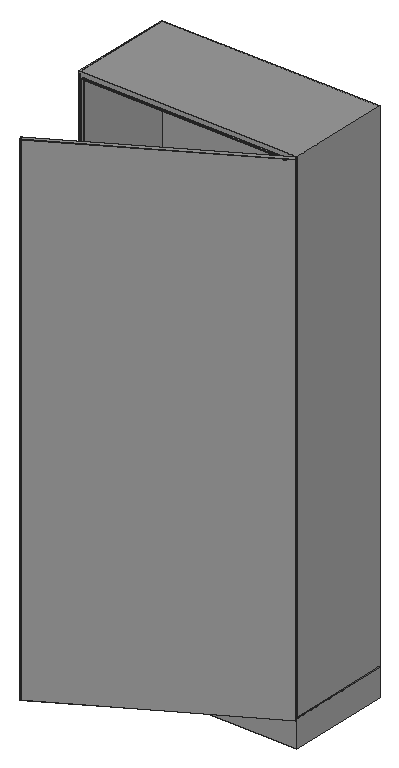
Revit family "Hager-Univers-IP55-D400-H1950-Cl.II-Steel_encl-NoHosted-FR-fr", category Electrical Equipment, Revit 2020
Family settings
  Panel Configuration = Two Columns, Circuits Across
  Round Connector Dimension = Use Diameter
  Part Type = Panelboard
  Work Plane-Based = Yes
  Always vertical = Yes
  Cut with Voids When Loaded = No
  Shared = No
  Room Calculation Point = No
Parameters (values of type "installation au sol IP55 L800 H1950 P400  - FR23H1")
  Width Control [instance] = if([EF000008 - largeur] > Min Width, [EF000008 - largeur], Min Width)  # 800 mm
  Type Comments = [HG000003 - Gamme]  # "Univers"
  Thickness Door [instance] = if([EF009171 - épaisseur de matériau de la porte/du couvercle] > 3 mm, 3 mm, [EF009171 - épaisseur de matériau de la porte/du couvercle])  # 1.5 mm
  Seal Frame Offset [instance] = 17 mm  # constant formula
  Plinth Visibility [instance] = [HG000027 - Hauteur du socle] > 0 mm  # yes
  Min Width [instance] = 100 mm  # constant formula
  Min Depth [instance] = (2 * [EF009170 - épaisseur de matériau du boîtier]) + 1 mm  # 4 mm
  Min Height [instance] = 100 mm  # constant formula
  Internal Frame Depth [instance] = (Door System Depth * 0.5)  # 9 mm
  Panel Name [instance] = ""  # (empty or 0)
  Model = ""
  HG000027 - Hauteur du socle = 100 mm
  HG000026 - Installation au sol = yes
  HG000024 - Hauteur de la section basse = 600 mm
  HG000023 - Armoire double section = no
  HG000016 - Visibilité de la porte 3D [instance] = yes
  HG000015 - Visibilité de l'emprise de la porte [instance] = no
  HG000014 - Porte à droite [instance] = yes
  HG000013 - Porte à gauche [instance] = not([HG000014 - Porte à droite])  # no
  HG000012 - Angle de pivotement de la porte [instance] = 30.00°
  HG000010 - Portes asymétriques = no
  HG000009 - Porte à double battant = no
  HG000006 - Encastré = no
  HG000004 - Référence fabricant = "FR23H1"
  HG000003 - Gamme = "Univers"
  HG000002 - avec porte = yes
  Frame Offset Bottom [instance] = 10 mm  # constant formula
  Frame Offset [instance] = 15 mm  # constant formula
  EF015940 - couvercle avec décharge de pression = no
  EF011959 - degré de protection (NEMA) = ""
  EF009554 - nombre d'ouvertures pour plaques à bride = 6
  EF009212 - finition du couvercle = "EV000116 - fermé"
  EF009171 - épaisseur de matériau de la porte/du couvercle = 1.5 mm
  EF009170 - épaisseur de matériau du boîtier = 1.5 mm
  EF008873 - courant nominal (In) = 800 A
  EF007800 - adapté à un parafoudre = no
  EF006306 - avec serrure = no
  EF006244 - couvercle/porte transparent(e) = no
  EF005474 - indice de protection (IP) = "EV006420 - IP55"
  EF004464 - type de porte = "EV002646 - unique"
  EF004427 - nombre de modules = 432
  EF004293 - indice de protection contre les chocs (IK) = "EV008784 - IK10"
  EF003532 - convient pour utilisation à l’extérieur = no
  EF002950 - largeur en nombre de modules = 24
  EF001613 - maintien de fonction = "EV000494 - sans"
  EF001596 - matériau du boîtier/corps = "EV000179 - acier"
  EF001131 - profondeur intérieure = 400 mm
  EF001088 - possibilité de montage en saillie = yes
  EF000437 - nombre d'entrées de conduit = 6
  EF000339 - type de capot = "EV004216 - porte"
  EF000266 - nombre de rangées = 12
  EF000218 - profondeur d'encastrement = 0 mm
  EF000118 - avec cadre/support de montage = no
  EF000116 - numéro RAL = "7035"
  EF000049 - profondeur = 400 mm
  EF000040 - hauteur = 1950 mm
  EF000008 - largeur = 800 mm
  EF000007 - couleur = "EV000270 - gris"
  EF000003 - mode de pose = "EV012274 - installation au sol"
  Door System Leaf Tolerance [instance] = 1.5 mm  # constant formula
  Door System Depth [instance] = 18 mm  # constant formula
  Door Height [instance] = Height Control - [HG000027 - Hauteur du socle]  # 1850 mm
  Description = ""
  Default Elevation = 1219.2 mm
  Connector Offset [instance] = Height Control / 2  # 975 mm
  Manufacturer = "Hager"  # constant formula
  Height Control [instance] = if([EF000040 - hauteur] > Min Height, [EF000040 - hauteur], Min Height)  # 1950 mm
  Depth Control [instance] = if([EF000049 - profondeur] > Min Depth, [EF000049 - profondeur], Min Depth)  # 400 mm
  Bottom Top Plate Trim [instance] = 1.5 mm  # constant formula
  Plinth height Ctrl [instance] = if([HG000027 - Hauteur du socle] > 0 mm, [HG000027 - Hauteur du socle], 12 mm)  # 100 mm
Types (6, lengths in mm): name | Width Control | HG000010 - Portes asymétriques | HG000009 - Porte à double battant | HG000004 - Référence fabricant | EF009554 - nombre d'ouvertures pour plaques à bride | EF004464 - type de porte | EF004427 - nombre de modules | EF000437 - nombre d'entrées de conduit | EF000008 - largeur
  installation au sol IP55 L1050 H1950 P400  - FR24H1 | 1050 | yes | yes | "FR24H1" | 8 | "EV003602 - double" | 576 | 8 | 1050
  installation au sol IP55 L1300 H1950 P400  - FR25H1 | 1300 | yes | yes | "FR25H1" | 10 | "EV003602 - double" | 720 | 10 | 1300
  installation au sol IP55 L1550 H1950 P400  - FR26H1 | 1550 | yes | yes | "FR26H1" | 12 | "EV003602 - double" | 864 | 12 | 1550
  installation au sol IP55 L300 H1950 P400  - FR21H1 | 300 | no | no | "FR21H1" | 2 | "EV002646 - unique" | 144 | 2 | 300
  installation au sol IP55 L550 H1950 P400  - FR22H1 | 550 | no | no | "FR22H1" | 4 | "EV002646 - unique" | 288 | 4 | 550
  installation au sol IP55 L800 H1950 P400  - FR23H1 | 800 | no | no | "FR23H1" | 6 | "EV002646 - unique" | 432 | 6 | 800
Reference planes
  plane 1 "Center (Front/Back)": y = 0
  plane 2: z = 0
  plane 3 "Center (Left/Right)": x = 0
  plane 4: y = 0
  plane 5: y = 0
  plane 6: z = 0
  plane 7: x = -400
  plane 8: x = 400
  plane 9: x = 398.5
  plane 10: x = -398.5
  plane 11: z = 100
  plane 12: z = 101.5
  plane 13: y = -400
  plane 14: y = -1.5
  plane 15: x = 0
  plane 16: y = -382
  plane 17: y = -398.5
  plane 18: y = -380.5
  plane 19: x = -383.5
  plane 20: x = 383.5
  plane 21: z = 111.5
  plane 22: x = -383
  plane 23: x = 383
  plane 24: z = 100
  plane 25: z = 1950
  plane 26: z = 1950
  plane 27: z = 1933.5
  plane 28: z = 1948.5
Forms (mm)
  Extrusion 1, solid, material "Hager_Steel_RAL7035_Light_Grey", detail levels medium+fine
    sketch origin (-208.679, -4572, 100) x (-1, 0, 0) y (0, -1, 0)
      loop
        line (191.321, -4190) -> (-608.679, -4190) -> (-608.679, -4572) -> (191.321, -4572) -> (191.321, -4190)
    from 0 to 1850
  Extrusion 2, void
    sketch origin (-350.771, -400, 1219.2) x (1, 0, 0) y (0, 0, 1)
      loop
        line (-47.729, 729.3) -> (-47.729, -1117.7) -> (749.271, -1117.7) -> (749.271, 729.3) -> (-47.729, 729.3)
    from -19.5 to -398.5
  Extrusion 3, void
    sketch origin (-290.084, -382, 1219.2) x (1, 0, 0) y (0, 0, 1)
      loop
        line (-93.416, -1107.7) -> (673.584, -1107.7) -> (673.584, 714.3) -> (-93.416, 714.3) -> (-93.416, -1107.7)
    from 0 to -1.5
  Extrusion 4, solid, material "Hager_Steel_RAL7035_Light_Grey", visible <- "Plinth Visibility", detail levels medium+fine
    sketch origin (0, 0, 0) x (1, 0, 0) y (0, 1, 0)
      loop
        line (-400, 0) -> (-400, -382) -> (400, -382) -> (400, 0) -> (-400, 0)
    from 0 to 100 <- "Plinth height Ctrl"
  Extrusion 5, solid, material "Hager_Steel_RAL7035_Light_Grey", detail levels coarse
    sketch origin (0, 0, 0) x (1, 0, 0) y (0, 1, 0)
      loop
        line (-400, 0) -> (-400, -400) -> (400, -400) -> (400, 0) -> (-400, 0)
    from 0 to 1950 <- "Height Control"
  Sweep 6, void
    path in 3D
      loop
        line (-400, -382, 100) -> (400, -382, 100) -> (400, 0, 100) -> (-400, 0, 100) -> (-400, -382, 100)
    profile origin (-400, -191, 100) x (1, 0, 0) y (0, 0, 1)
      loop
        line (0, 0) -> (0, -1.5) -> (1.5, -1.5)
        arc (1.5, -1.5) -> (1.061, -0.439) -> (0, 0) r 1.5
  Extrusion 7, solid, material "Hager_Steel_RAL7035_Light_Grey", detail levels fine
    sketch origin (-400, -382, 100) x (1, 0, 0) y (0, 0, 1)
      loop
        line (16.5, 11.5) -> (783.5, 11.5) -> (783.5, 1833.5) -> (16.5, 1833.5) -> (16.5, 11.5)
      loop
        line (15, 10) -> (785, 10) -> (785, 1835) -> (15, 1835) -> (15, 10)
    from 0 to 9 <- "Internal Frame Depth"
Cuts and joins
  Extrusion 2, Extrusion 3 cuts Extrusion 1
  Sweep 6 cuts Extrusion 4
Lines and regions (mm)
  Masking region 1
    outline origin (0, 0, 0) x (1, 0, 0) y (0, 1, 0)
      loop
        line (-400, 0) -> (-400, -400) -> (400, -400) -> (400, 0) -> (-400, 0)
  Masking region 2, detail levels coarse
    outline origin (-290.084, -382, 1219.2) x (-1, 0, 0) y (0, 0, 1)
      loop
        line (-690.084, -1219.2) -> (109.916, -1219.2) -> (109.916, 730.8) -> (-690.084, 730.8) -> (-690.084, -1219.2)
  Masking region 3, detail levels coarse
    outline origin (0, 0, 0) x (0, 1, 0) y (0, 0, 1)
      loop
        line (0, 0) -> (0, 1950) -> (-400, 1950) -> (-400, 0) -> (0, 0)
  Masking region 4, visible <- "Plinth Visibility", detail levels medium+fine
    outline origin (0, 0, 0) x (0, 1, 0) y (0, 0, 1)
      loop
        line (-1.5, 100) -> (-380.5, 100)
        arc (-380.5, 100) -> (-380.939, 98.939) -> (-382, 98.5) r 1.5
        line (-382, 98.5) -> (-382, 0) -> (0, 0) -> (0, 98.5)
        arc (0, 98.5) -> (-1.061, 98.939) -> (-1.5, 100) r 1.5
  Masking region 5, detail levels medium+fine
    outline origin (0, 0, 594.038) x (0, 1, 0) y (0, 0, 1)
      loop
        line (0, -494.038) -> (0, 1355.962) -> (-382, 1355.962) -> (-382, -494.038) -> (0, -494.038)
  Masking region 6, detail levels medium+fine
    outline origin (-359.7, -382, 1211.883) x (-1, 0, 0) y (0, 0, 1)
      loop
        line (-759.7, -1111.883) -> (40.3, -1111.883) -> (40.3, 738.117) -> (-759.7, 738.117) -> (-759.7, -1111.883)
  Masking region 7, visible <- "Plinth Visibility", detail levels medium+fine
    outline origin (-320.334, -382, 1041.368) x (-1, 0, 0) y (0, 0, 1)
      loop
        line (-720.334, -1041.368) -> (79.666, -1041.368) -> (79.666, -942.868)
        arc (79.666, -942.868) -> (78.606, -942.429) -> (78.166, -941.368) r 1.5
        line (78.166, -941.368) -> (-718.834, -941.368)
        arc (-718.834, -941.368) -> (-719.273, -942.429) -> (-720.334, -942.868) r 1.5
        line (-720.334, -942.868) -> (-720.334, -1041.368)
  sketch lines
    curve 1: line (-400, 0, 100) -> (-400, -382, 100)
    curve 2: line (-400, -382, 100) -> (400, -382, 100)
    curve 3: line (400, 0, 100) -> (-400, 0, 100)
    curve 4: line (400, -382, 100) -> (400, 0, 100)
Dimensions and locks
  locked: plane 1 "Center (Front/Back)" to plane 5
  "EF009170 - épaisseur de matériau du boîtier": plane 7 to plane 10
  "EF009170 - épaisseur de matériau du boîtier": plane 8 to plane 9
  equal spacing: plane 7, plane 3 "Center (Left/Right)", plane 8
  "Width Control": plane 7 to plane 8
  "Depth Control": plane 4 to plane 13
  "EF009170 - épaisseur de matériau du boîtier": plane 4 to plane 14
  "Height Control": plane 25 to level
  "HG000027 - Hauteur du socle": plane 11 to level
  "EF009170 - épaisseur de matériau du boîtier": plane 12 to plane 11
  "EF009170 - épaisseur de matériau du boîtier": plane 17 to plane 13
  "EF009170 - épaisseur de matériau du boîtier": plane 18 to plane 16
  "Frame Offset Bottom": plane 21 to plane 12
  "Frame Offset": plane 10 to plane 19
  "Frame Offset": plane 9 to plane 20
  "Door System Depth": plane 16 to plane 13
  "Seal Frame Offset": plane 7 to plane 22
  "Seal Frame Offset": plane 8 to plane 23
  "EF009170 - épaisseur de matériau du boîtier": plane 26 to plane 28
  "Frame Offset": plane 28 to plane 27
  "Connector Offset": plane 2 to connector elem
  "Bottom Top Plate Trim": profile plane to Sweep 6 sketch curve
  "Bottom Top Plate Trim": Sweep 6 sketch curve to Sweep 6 sketch curve
  "Plinth height Ctrl": Masking region 4 sketch curve to level
  "Plinth height Ctrl": Masking region 7 sketch curve to level
  "Thickness Door": Extrusion 7 sketch curve to Extrusion 7 sketch curve  (x4)
  "Bottom Top Plate Trim": radius of Sweep 6 sketch curve
  "Bottom Top Plate Trim": radius of Masking region 4 sketch curve  (x2)
  "Bottom Top Plate Trim": radius of Masking region 7 sketch curve  (x2)
  aligned and locked: Extrusion 2 sketch curve to plane 12
  aligned and locked: Extrusion 2 sketch curve to plane 9
  aligned and locked: Extrusion 2 sketch curve to plane 10
  aligned and locked: Extrusion 2 to plane 14
  aligned and locked: Extrusion 1 sketch curve to plane 4
  aligned and locked: plane 8 to Extrusion 1 sketch curve
  aligned and locked: plane 7 to Extrusion 1 sketch curve
  aligned and locked: Extrusion 2 to plane 18
  aligned and locked: Extrusion 3 sketch curve to plane 19
  aligned and locked: plane 20 to Extrusion 3 sketch curve
  aligned and locked: Extrusion 3 to Extrusion 2
  aligned and locked: Extrusion 3 sketch curve to plane 21
  aligned and locked: plane 3 "Center (Left/Right)" to nested 1
  aligned and locked: Extrusion 1 sketch curve to plane 16
  aligned and locked: Extrusion 4 sketch curve to cut or joined group of Extrusion 1, Extrusion 2, Extrusion 3
  aligned and locked: Masking region 1 sketch curve to plane 7
  aligned and locked: Masking region 1 sketch curve to plane 5
  aligned and locked: Masking region 1 sketch curve to plane 8
  aligned and locked: Masking region 2 sketch curve to level
  aligned and locked: level to Masking region 3 sketch curve
  aligned and locked: plane 1 "Center (Front/Back)" to Masking region 3 sketch curve
  aligned and locked: plane 13 to Masking region 3 sketch curve
  aligned and locked: plane 5 to Masking region 4 sketch curve
  aligned and locked: Masking region 2 sketch curve to plane 8
  aligned and locked: Masking region 2 sketch curve to plane 7
  aligned and locked: plane 7 to nested 2
  aligned and locked: nested 2 to plane 5
  aligned and locked: plane 5 to Masking region 5 sketch curve
  aligned and locked: plane 26 to Masking region 5 sketch curve
  aligned and locked: Extrusion 5 sketch curve to plane 8
  aligned and locked: Extrusion 5 sketch curve to plane 7
  aligned and locked: Extrusion 5 sketch curve to plane 5
  aligned and locked: Extrusion 3 sketch curve to plane 27
  aligned and locked: Extrusion 2 sketch curve to plane 28
  aligned and locked: Masking region 2 to plane 25
  aligned and locked: Extrusion 4 to plane 16
  aligned and locked: profile plane to Sweep 6 sketch curve
  aligned and locked: Masking region 5 sketch curve to plane 24
  aligned and locked: level to Masking region 4 sketch curve
  aligned and locked: Masking region 1 to plane 13
  aligned and locked: nested 1 to plane 16
  aligned and locked: Masking region 3 to plane 25
  aligned and locked: plane 16 to Masking region 4 sketch curve
  aligned and locked: Masking region 5 sketch curve to plane 16
  aligned and locked: plane 24 to plane 11
  aligned and locked: plane 26 to plane 25
  aligned and locked: plane 26 to cut or joined group of Extrusion 1, Extrusion 2, Extrusion 3
  aligned and locked: nested 1 to plane 24
  aligned and locked: Extrusion 1 to Extrusion 3
  aligned and locked: Masking region 6 sketch curve to plane 8
  aligned and locked: Masking region 6 sketch curve to plane 24
  aligned and locked: Masking region 6 sketch curve to plane 7
  aligned and locked: Masking region 6 sketch curve to plane 26
  aligned and locked: Masking region 7 sketch curve to plane 7
  aligned and locked: level to Masking region 7 sketch curve
  aligned and locked: Masking region 7 sketch curve to plane 8
  aligned and locked: Extrusion 7 sketch curve to cut or joined group of Extrusion 1, Extrusion 2, Extrusion 3  (x4)
Automatic sketch dimensions
  plane 19 to Extrusion 3 sketch curve = 0 mm
  Extrusion 3 sketch curve to plane 20 = 0 mm
  Extrusion 3 sketch curve to plane 21 = 0 mm
  Extrusion 4 sketch curve to plane 7 = 0 mm
  Extrusion 4 sketch curve to plane 8 = 0 mm
  Extrusion 4 sketch curve to plane 16 = 0 mm
  Masking region 1 sketch curve to plane 13 = 0 mm
  Masking region 2 sketch curve to plane 25 = 0 mm
  Masking region 3 sketch curve to plane 25 = 0 mm
  Extrusion 5 sketch curve to plane 13 = 0 mm
  profile plane to Sweep 6 sketch curve = 0 mm
Nested families
  nested 1: "EC000058_Univers_Door" at (0, -382, 100), Double <- "HG000009 - Porte à double battant", Transparent <- "EF006244 - couvercle/porte transparent(e)", Angle <- "HG000012 - Angle de pivotement de la porte", Door_Right <- "HG000014 - Porte à droite", Assymetrical <- "HG000010 - Portes asymétriques", Door <- "HG000002 - avec porte", Width_Ctrl <- "Width Control", 3d_Door <- "HG000016 - Visibilité de la porte 3D", Clearance <- "HG000015 - Visibilité de l'emprise de la porte", Door_Left <- "HG000013 - Porte à gauche", Width <- "Width Control", Door_Depth <- "Door System Depth", Leaf_Tolerance <- "Door System Leaf Tolerance", Height <- "Door Height", Lock_Visibility <- "EF006306 - avec serrure", Thickness <- "Thickness Door", type "EC000058_Univers_Door", detail levels medium+fine
    with min_wh 4 mm, Width_Ctrl 800 mm, Width 800 mm, Transparent no, Thickness 1.5 mm, Seal_Material Hager_Rubber, Lock_Visibility no, Lock_Material Hager_Plastic_RAL9005_Jet_Black, Leaf_Width 800 mm, Leaf_Tolerance_External_Sides 0 mm, Leaf_Tolerance 1.5 mm, Leaf_Offset 0 mm, Leaf_Height 1847 mm, Leaf_2_Width 800 mm, Leaf_2_Offset 400 mm, Leaf_1_Width 800 mm, Leaf_1_Offset 400 mm, Height_Ctrl 1850 mm, Height 1850 mm, Glass_Material Hager_Glass, Double_Clearance_Ctrl no, Double no, Door_Right_Ctrl yes, Door_Right yes, Door_Material Hager_Steel_RAL7035_Light_Grey, Door_Left_Ctrl no, Door_Left no, Door_Depth 18 mm, Door yes, Clearance_Material Hager_Clearance, Clearance_Depth 800 mm, Clearance_Ctrl no, Clearance no, Assymetrical no, Angle 30.00°, 3d_Door yes
  nested 2: "Hager_Enclosure_Symbol" at (-400, 0, 0), Height <- "Depth Control", Width <- "Width Control", type "Hager_Enclosure_Symbol"
    with Width_Ctrl 800 mm, Width 800 mm, Height_Ctrl 400 mm, Height 400 mm, A_Width_Int 26.25 mm, A_Width 315 mm, A_Height_Ctrl 350 mm, A_Height 350 mm
Connectors
  electrical at (0, 0, 975)
    settings: on plane 1 "Center (Front/Back)", index 1, voltage 0 V, apparent load 0 VA, apparent load phase1 0 VA, apparent load phase2 0 VA, apparent load phase3 0 VA, power factor 1, load classification "Other", number of poles 1, system type 30, power factor state 1, is connector primary yes, connector utility no, sub classification motor no, connector description ""
Definition of nested family "EC000058_Univers_Door"
  Parameters (values of type "EC000058_Univers_Door")
    min_wh [instance] = (2 * Thickness) + 1 mm  # 11 mm
    Width_Ctrl [instance] = 400 mm
    Width [instance] = 500 mm
    Transparent [instance] = yes
    Thickness [instance] = 5 mm
    Seal_Material [instance] = none
    Lock_Visibility [instance] = yes
    Lock_Material [instance] = none
    Leaf_Width [instance] = if((Width_Ctrl - 2 * Leaf_Tolerance_External_Sides) > 0 mm, (Width_Ctrl - 2 * Leaf_Tolerance_External_Sides), min_wh)  # 400 mm
    Leaf_Tolerance_External_Sides [instance] = 0 mm  # constant formula
    Leaf_Tolerance [instance] = 1.5 mm
    Leaf_Offset [instance] = 0 mm  # constant formula
    Leaf_Height [instance] = if((Height_Ctrl - 2 * Leaf_Tolerance) > 0 mm, (Height_Ctrl - 2 * Leaf_Tolerance), min_wh)  # 497 mm
    Leaf_2_Width [instance] = if(and(and(Double, Assymetrical), Door_Left), (Leaf_Width / 3) - (Leaf_Tolerance / 2), if(and(and(Double, Assymetrical), Door_Right), (Leaf_Width / 3) * 2 - (Leaf_Tolerance / 2), if(and(Double, not(Assymetrical)), (Leaf_Width / 2) - Leaf_Tolerance, Leaf_Width)))  # 400 mm
    Leaf_2_Offset [instance] = if(and(Double, Assymetrical), Leaf_2_Width / 2, if(and(Double, not(Assymetrical)), Leaf_Width / 4, Leaf_Width / 2))  # 200 mm
    Leaf_1_Width [instance] = if(and(and(Double, Assymetrical), Door_Right), (Leaf_Width / 3) - (Leaf_Tolerance / 2), if(and(and(Double, Assymetrical), Door_Left), (Width / 3) * 2 - (Leaf_Tolerance / 2), if(and(Double, not(Assymetrical)), (Leaf_Width / 2) - Leaf_Tolerance, Leaf_Width)))  # 400 mm
    Leaf_1_Offset [instance] = if(and(Double, Assymetrical), Leaf_1_Width / 2, if(and(Double, not(Assymetrical)), Leaf_Width / 4, Leaf_Width / 2))  # 200 mm
    Height_Ctrl [instance] = if(Height > min_wh, Height, min_wh)  # 500 mm
    Height [instance] = 500 mm
    Glass_Material [instance] = none
    Double_Clearance_Ctrl [instance] = and(Double, Clearance)  # no
    Double [instance] = no
    Door_Right_Ctrl [instance] = and(or(Door_Right, Double), Door)  # yes
    Door_Right [instance] = yes
    Door_Material [instance] = none
    Door_Left_Ctrl [instance] = and(or(Door_Left, Double), Door)  # no
    Door_Left [instance] = no
    Door_Depth [instance] = 30 mm
    Door [instance] = yes
    Default Elevation = 1219.2 mm
    Clearance_Material [instance] = none
    Clearance_Depth [instance] = if(Leaf_1_Width > Leaf_2_Width, Leaf_1_Width, Leaf_2_Width)  # 400 mm
    Clearance_Ctrl [instance] = and(not(Double), Clearance)  # yes
    Clearance [instance] = yes
    Assymetrical [instance] = yes
    Angle [instance] = 30.00°
    3d_Door [instance] = yes
  Reference planes
    plane 1 "Center (Front/Back)": y = 0
    plane 2 "Bottom": z = 0
    plane 3 "Center (Left/Right)": x = 0
    plane 4: z = 500
    plane 5: x = -200
    plane 6: x = 200
    plane 7: z = 500
    plane 8: x = -200
    plane 9: z = 0
    plane 10: x = 200
    plane 11: y = 0
    plane 12: z = 1.5
    plane 13: x = -600
    plane 14: y = -400
    plane 15: x = 600
    plane 16: x = 0
    plane 17: x = 0
    plane 18: x = -200
    plane 19: x = 200
    plane 20: z = 498.5
  Forms (mm)
    Extrusion 1, solid, material <- "Clearance_Material", visible <- "Double_Clearance_Ctrl"
      sketch origin (1200, 0, 0) x (1, 0, 0) y (0, 0, -1)
        loop
          line (-1800, -498.5) -> (-600, -498.5) -> (-600, 0) -> (-1800, 0) -> (-1800, -498.5)
      from 0 to -400
  Dimensions and locks
    equal spacing: plane 5, plane 3 "Center (Left/Right)", plane 6
    "Width_Ctrl": plane 5 to plane 6
    "Leaf_Offset": plane 5 to plane 8
    "Leaf_Offset": plane 6 to plane 10
    "Leaf_Offset": plane 9 to level
    "Leaf_Offset": plane 4 to plane 7
    "Height_Ctrl": plane 4 to level
    "Leaf_Tolerance": plane 12 to plane 9
    locked: plane 11 to plane 1 "Center (Front/Back)"
    "Leaf_1_Offset": plane 18 to plane 16
    "Leaf_2_Offset": plane 17 to plane 19
    "Leaf_1_Width": plane 13 to plane 8
    "Leaf_2_Width": plane 10 to plane 15
    "Clearance_Depth": plane 14 to plane 1 "Center (Front/Back)"
    "Leaf_Tolerance_External_Sides": plane 8 to plane 18
    "Leaf_Tolerance_External_Sides": plane 19 to plane 10
    "Leaf_Tolerance": plane 7 to plane 20
    aligned and locked: level to plane 2 "Bottom"
    aligned and locked: nested 1 to plane 16
    aligned and locked: nested 2 to plane 17
    aligned and locked: Extrusion 1 to plane 13
    aligned and locked: plane 15 to Extrusion 1
    aligned and locked: Extrusion 1 to plane 14
    aligned and locked: plane 12 to nested 1
    aligned and locked: nested 2 to plane 12
    aligned and locked: Extrusion 1 to plane 11
    aligned and locked: plane 20 to Extrusion 1
    aligned and locked: nested 2 to plane 11
    aligned and locked: nested 1 to plane 11
  Automatic sketch dimensions
    Extrusion 1 sketch curve to level = 0 mm
    plane 5 to Extrusion 1 sketch curve = 400 mm
    plane 6 to Extrusion 1 sketch curve = 400 mm
    Extrusion 1 sketch curve to plane 4 = 1.5 mm
  Nested families
    nested 1: "EC000058_Univers_Door_Leaf" at (0, 0, 1.5), Width <- "Leaf_1_Width", visible <- "Door_Left_Ctrl", Leaf_Height <- "Leaf_Height", Angle <- "Angle", 3d_Door <- "3d_Door", Transparent <- "Transparent", Clearance Material <- "Clearance_Material", Clearance <- "Clearance_Ctrl", Door_Material <- "Door_Material", Glass_Material <- "Glass_Material", Door_Depth <- "Door_Depth", Lock_Material <- "Lock_Material", Seal_Material <- "Seal_Material", Lock_Visibility <- "Lock_Visibility", Thickness <- "Thickness", type "EC000058_Univers_Door_Leaf"
      with Width 400 mm, Transparent_Glass_Offset 30 mm, Transparent_Ctrl yes, Transparent yes, Thickness 5 mm, Standard no, Seal_Material none, Seal_D2 8 mm, Seal_D1 1 mm, Offset_Internal_Frame 10 mm, Lock_Width 20 mm, Lock_Visibility_3d yes, Lock_Visibility yes, Lock_Thickness_3 3 mm, Lock_Thickness_2 1 mm, Lock_Thickness_1 3 mm, Lock_Radius_Offset_2 16 mm, Lock_Radius_Offset_1 15 mm, Lock_Radius_2 5 mm, Lock_Radius 6 mm, Lock_Offset 5 mm, Lock_Material none, Lock_Height 80 mm, Lock_Cover_Top_Offset_2d 17 mm, Lock_Cover_Height -65 mm, Leaf_Height 497 mm, Internal_Seal_Thickness 8 mm, Internal_Seal_Depth_2 4.5 mm, Internal_Frame_Depth 25 mm, Glass_Thickness -1 mm, Glass_Offset -2 mm, Glass_Material none, Door_Material none, Door_Depth 30 mm, Clearance Material none, Clearance yes, Angle_Ctrl 30.00°, Angle 30.00°, 3d_Door yes
    nested 2: "EC000058_Univers_Door_Leaf" at (0, 0, 1.5) x (-1, 0, 0) z (0, 0, 1), Width <- "Leaf_2_Width", visible <- "Door_Right_Ctrl", Leaf_Height <- "Leaf_Height", Angle <- "Angle", 3d_Door <- "3d_Door", Transparent <- "Transparent", Clearance Material <- "Clearance_Material", Clearance <- "Clearance_Ctrl", Door_Material <- "Door_Material", Glass_Material <- "Glass_Material", Door_Depth <- "Door_Depth", Lock_Material <- "Lock_Material", Seal_Material <- "Seal_Material", Lock_Visibility <- "Lock_Visibility", Thickness <- "Thickness", type "EC000058_Univers_Door_Leaf"
      with Width 400 mm, Transparent_Glass_Offset 30 mm, Transparent_Ctrl yes, Transparent yes, Thickness 5 mm, Standard no, Seal_Material none, Seal_D2 8 mm, Seal_D1 1 mm, Offset_Internal_Frame 10 mm, Lock_Width 20 mm, Lock_Visibility_3d yes, Lock_Visibility yes, Lock_Thickness_3 3 mm, Lock_Thickness_2 1 mm, Lock_Thickness_1 3 mm, Lock_Radius_Offset_2 16 mm, Lock_Radius_Offset_1 15 mm, Lock_Radius_2 5 mm, Lock_Radius 6 mm, Lock_Offset 5 mm, Lock_Material none, Lock_Height 80 mm, Lock_Cover_Top_Offset_2d 17 mm, Lock_Cover_Height -65 mm, Leaf_Height 497 mm, Internal_Seal_Thickness 8 mm, Internal_Seal_Depth_2 4.5 mm, Internal_Frame_Depth 25 mm, Glass_Thickness -1 mm, Glass_Offset -2 mm, Glass_Material none, Door_Material none, Door_Depth 30 mm, Clearance Material none, Clearance yes, Angle_Ctrl 30.00°, Angle 30.00°, 3d_Door yes
  Definition of nested family "EC000058_Univers_Door_Leaf"
    Parameters (values of type "EC000058_Univers_Door_Leaf")
      Width [instance] = 2000 mm
      Transparent_Glass_Offset [instance] = 30 mm
      Transparent_Ctrl [instance] = and(Transparent, [3d_Door])  # yes
      Transparent [instance] = yes
      Thickness [instance] = 5 mm
      Standard [instance] = and(not(Transparent), [3d_Door])  # no
      Seal_Material [instance] = none
      Seal_D2 [instance] = 8 mm  # constant formula
      Seal_D1 [instance] = 1 mm  # constant formula
      Offset_Internal_Frame [instance] = 10 mm  # constant formula
      Lock_Width [instance] = 20 mm  # constant formula
      Lock_Visibility_3d [instance] = and(Lock_Visibility, [3d_Door])  # yes
      Lock_Visibility [instance] = yes
      Lock_Thickness_3 [instance] = 3 mm  # constant formula
      Lock_Thickness_2 [instance] = 1 mm  # constant formula
      Lock_Thickness_1 [instance] = 3 mm  # constant formula
      Lock_Radius_Offset_2 [instance] = Lock_Radius_Offset_1 + 1 mm  # 16 mm
      Lock_Radius_Offset_1 [instance] = 15 mm  # constant formula
      Lock_Radius_2 [instance] = Lock_Radius - 1 mm  # 5 mm
      Lock_Radius [instance] = 6 mm  # constant formula
      Lock_Offset [instance] = 5 mm  # constant formula
      Lock_Material [instance] = none
      Lock_Height [instance] = 80 mm  # constant formula
      Lock_Cover_Top_Offset_2d [instance] = Lock_Radius_Offset_2 + 1 mm  # 17 mm
      Lock_Cover_Height [instance] = -(Lock_Height - Lock_Radius_Offset_1)  # -65 mm
      Leaf_Height [instance] = 2720.336 mm
      Internal_Seal_Thickness [instance] = 8 mm  # constant formula
      Internal_Seal_Depth_2 [instance] = 4.5 mm  # constant formula
      Internal_Frame_Depth [instance] = if(Door_Depth - Thickness > 5 mm, Door_Depth - Thickness, 5 mm)  # 25 mm
      Glass_Thickness [instance] = if(Thickness > 15 mm, Glass_Offset + 10 mm, -1 mm)  # -1 mm
      Glass_Offset [instance] = if(Thickness > 15 mm, -(Thickness + 10 mm) / 2, -2 mm)  # -2 mm
      Glass_Material [instance] = none
      Door_Material [instance] = none
      Door_Depth [instance] = 30 mm
      Default Elevation = 0 mm
      Clearance Material [instance] = none
      Clearance [instance] = yes
      Angle_Ctrl [instance] = if(Angle > 180.00°, 180.00°, Angle)  # 90.00°
      Angle [instance] = 90.00°
      3d_Door [instance] = yes
    Reference planes
      plane 1 "Center (Front/Back)": y = 0
      plane 2: z = 0
      plane 3 "Center (Left/Right)": x = 0
      plane 4: y = 2000
      plane 5: x = -1000
      plane 6: x = 1000
      plane 7: x = -3000
      plane 8: z = 2720.336
      plane 9: z = 30
      plane 10: z = 2690.336
      plane 11: x = 970
      plane 12: x = -970
      plane 13: y = -3
      plane 14: z = 107.833
      plane 15: y = -5
      plane 16: y = -223.314
      plane 17: x = -1000
      plane 18: z = 1360.168
      plane 19: y = 30
    Forms (mm)
      Extrusion 1, solid, material <- "Clearance Material", visible <- "Clearance"
        sketch origin (0, 0, 0) x (1, 0, 0) y (0, 0, 1)
          loop
            line (-3000, 2720.336) -> (-3000, 0) -> (1000, 0) -> (1000, 2720.336) -> (-3000, 2720.336)
        from 0 to -2000
      Extrusion 2, solid, material <- "Door_Material", visible <- "Standard", detail levels medium+fine
        sketch origin (-1000, 0, 0) x (0, 1, 0) y (-1, 0, 0)
          loop
            line (0, 30) -> (0, 25) -> (2000, 25) -> (2000, 30) -> (0, 30)
        from 0 to 2720.336 <- "Leaf_Height"
      Extrusion 3, solid, material <- "Door_Material", visible <- "Transparent_Ctrl", detail levels medium+fine
        sketch origin (-1000, 0, 0) x (0, 1, 0) y (-1, 0, 0)
          loop
            line (0, 25) -> (2000, 25) -> (2000, 30) -> (0, 30) -> (0, 25)
        from 0 to 2720.336 <- "Leaf_Height"
      Extrusion 4, void
        sketch origin (-1025, 2000, 0) x (0, 1, 0) y (0, 0, -1)
          loop
            line (-30, -2690.336) -> (-30, -30) -> (-1970, -30) -> (-1970, -2690.336) -> (-30, -2690.336)
        from 0 to 5 <- "Thickness"
      Sweep 5, solid, material <- "Seal_Material", visible <- "Transparent_Ctrl", detail levels fine
        path in 3D
          loop
            line (-1025, 30, 30) -> (-1025, 30, 2690.336) -> (-1025, 1970, 2690.336) -> (-1025, 1970, 30) -> (-1025, 30, 30)
        profile origin (-1025, 1000, 30) x (1, 0, 0) y (0, 0, 1)
          loop
            line (0, 0) -> (0, -8) -> (1, -8) -> (1, 0) -> (0, 0)
      Extrusion 6, solid, material <- "Glass_Material", visible <- "Transparent_Ctrl", detail levels medium+fine
        sketch origin (-1030, 0, 0) x (0, 1, 0) y (0, 0, -1)
          loop
            line (1970, -2690.336) -> (1970, -30) -> (30, -30) -> (30, -2690.336) -> (1970, -2690.336)
        from -2 <- "Glass_Offset" to -1 <- "Glass_Thickness"
      Extrusion 7, solid, material <- "Door_Material", visible <- "3d_Door", detail levels medium+fine
        sketch origin (-1025, 2000, 0) x (0, -1, 0) y (0, 0, -1)
          loop
            line (0, -2720.336) -> (2000, -2720.336) -> (2000, 0) -> (0, 0) -> (0, -2720.336)
          loop
            line (1995, -5) -> (5, -5) -> (5, -2715.336) -> (1995, -2715.336) -> (1995, -5)
        from 0 to 25 <- "Internal_Frame_Depth"
      Sweep 8, solid, material <- "Seal_Material", visible <- "Transparent_Ctrl", detail levels fine
        path in 3D
          loop
            line (-1025, 0, 0) -> (-1025, 2000, 0) -> (-1025, 2000, 2720.336) -> (-1025, 0, 2720.336) -> (-1025, 0, 0)
        profile origin (-1025, 0, 1360.168) x (1, 0, 0) y (0, 1, 0)
          loop
            line (0, 10) -> (2.975, 10)
            arc (2.975, 10) -> (4.053, 10.447) -> (4.5, 11.525) r 1.525
            line (4.5, 11.525) -> (4.5, 16.527)
            arc (4.5, 16.527) -> (4.069, 17.569) -> (3.027, 18) r 1.473
            line (3.027, 18) -> (0, 18) -> (0, 10)
      Extrusion 9, solid, material <- "Lock_Material", visible <- "Lock_Visibility_3d", detail levels fine
        sketch origin (-1030, 0, 0) x (0, 1, 0) y (0, 0, -1)
          loop
            arc (1993.5, -1400.168) -> (1994.561, -1399.729) -> (1995, -1398.668) r 1.5
            line (1995, -1398.668) -> (1995, -1320.168) -> (1975, -1320.168) -> (1975, -1398.668)
            arc (1975, -1398.668) -> (1975.439, -1399.729) -> (1976.5, -1400.168) r 1.5
            line (1976.5, -1400.168) -> (1993.5, -1400.168)
        from 3 <- "Lock_Thickness_1" to 0
      Blend 10, solid, material <- "Lock_Material", visible <- "Lock_Visibility_3d", detail levels fine
        base sketch origin (-1033, 0, 0) x (0, 1, 0) y (0, 0, -1)
          loop
            line (1975, -1320.168) -> (1975, -1398.668)
            arc (1975, -1398.668) -> (1975.439, -1399.729) -> (1976.5, -1400.168) r 1.5
            line (1976.5, -1400.168) -> (1993.5, -1400.168)
            arc (1993.5, -1400.168) -> (1994.561, -1399.729) -> (1995, -1398.668) r 1.5
            line (1995, -1398.668) -> (1995, -1320.168) -> (1975, -1320.168)
        top sketch origin (-1033, 0, 0) x (0, 1, 0) y (0, 0, -1)
          loop
            line (1976, -1320.168) -> (1976, -1398.668)
            arc (1976, -1398.668) -> (1976.146, -1399.022) -> (1976.5, -1399.168) r 0.5
            line (1976.5, -1399.168) -> (1993.5, -1399.168)
            arc (1993.5, -1399.168) -> (1993.854, -1399.022) -> (1994, -1398.668) r 0.5
            line (1994, -1398.668) -> (1994, -1320.168) -> (1976, -1320.168)
        from 0 to 1 <- "Lock_Thickness_2"
      Blend 11, solid, material <- "Lock_Material", visible <- "Lock_Visibility_3d", detail levels fine
        base sketch origin (-1034, 0, 0) x (0, 1, 0) y (0, 0, -1)
          loop
            line (1978, -1320.168) -> (1978, -1384.168)
            arc (1978, -1384.168) -> (1985, -1391.168) -> (1992, -1384.168) r 7
            line (1992, -1384.168) -> (1992, -1320.168) -> (1978, -1320.168)
        top sketch origin (-1034, 0, 0) x (0, 1, 0) y (0, 0, -1)
          loop
            line (1991, -1320.168) -> (1979, -1320.168) -> (1979, -1383.168)
            arc (1979, -1383.168) -> (1985, -1389.168) -> (1991, -1383.168) r 6
            line (1991, -1383.168) -> (1991, -1320.168)
        from 0 to 3 <- "Lock_Thickness_3"
      Extrusion 12, solid, material <- "Lock_Material", visible <- "Lock_Visibility_3d", detail levels fine
        sketch origin (-1030, 1975, 1320.168) x (1, 0, 0) y (0, -1, 0)
          loop
            line (-7, -19) -> (-7, -1) -> (0, -1) -> (0, 0) -> (-8, 0) -> (-8, -20) -> (0, -20) -> (0, -19) -> (-7, -19)
        from 0 to -65 <- "Lock_Cover_Height"
      Extrusion 13, void
        sketch origin (-1038, 1995, 1320.168) x (-1, 0, 0) y (0, 0, -1)
          loop
            line (-5, -65) -> (0, -65) -> (-5, -60) -> (-5, -65)
        from 0 to 20 <- "Lock_Width"
      Extrusion 14, void
        sketch origin (-1038, 1975, 1320.168) x (0, -1, 0) y (0, 0, -1)
          loop
            circle (-10, -15.995) r 6
          loop
            circle (-10, -15.995) r 5
        from 0 to 2
      Extrusion 15, solid, material <- "Lock_Material", visible <- "Lock_Visibility_3d", detail levels medium
        sketch origin (-1030, 0, 0) x (0, 1, 0) y (0, 0, -1)
          loop
            arc (1993.5, -1400.168) -> (1994.561, -1399.729) -> (1995, -1398.668) r 1.5
            line (1995, -1398.668) -> (1995, -1320.168) -> (1975, -1320.168) -> (1975, -1398.668)
            arc (1975, -1398.668) -> (1975.439, -1399.729) -> (1976.5, -1400.168) r 1.5
            line (1976.5, -1400.168) -> (1993.5, -1400.168)
        from 8 to 0
    Cuts and joins
      Extrusion 4 cuts Extrusion 3
      Extrusion 13, Extrusion 14 cuts Extrusion 9
      Extrusion 14 cuts Blend 11
      Extrusion 13, Extrusion 14 cuts Extrusion 12
      joined: Extrusion 9, Blend 10, Blend 11, Extrusion 12
      Extrusion 14 cuts Extrusion 15
    Lines and regions (mm)
      Masking region 1, visible <- "Lock_Visibility", detail levels fine
        outline origin (0, 0, 0) x (0, 1, 0) y (0, 0, 1)
          loop
            line (30, 1320.168) -> (33, 1320.168) -> (33, 1400.168) -> (30, 1400.168) -> (30, 1320.168)
      Masking region 2, visible <- "Lock_Visibility", detail levels fine
        outline origin (0, 3.143, 0) x (0, 1, 0) y (0, 0, 1)
          loop
            line (29.857, 1354.168) -> (30.857, 1354.168) -> (30.857, 1366.168) -> (29.857, 1366.168) -> (29.857, 1354.168)
      Masking region 3, detail levels medium+fine
        outline origin (0, 0, 0) x (0, 1, 0) y (0, 0, 1)
          loop
            line (0, 0) -> (30, 0) -> (30, 2720.336) -> (0, 2720.336) -> (0, 0)
      Masking region 4, detail levels medium+fine
        outline origin (0, 0, 0) x (1, 0, 0) y (0, 0, 1)
          loop
            line (-1000, 2720.336) -> (-1000, 0) -> (1000, 0) -> (1000, 2720.336) -> (-1000, 2720.336)
      Masking region 5, visible <- "Lock_Visibility", detail levels fine
        outline origin (-47.116, 0, 0) x (1, 0, 0) y (0, 0, 1)
          loop
            arc (1024.616, 1399.168) -> (1023.556, 1398.729) -> (1023.116, 1397.668) r 1.5
            line (1023.116, 1397.668) -> (1023.116, 1320.168) -> (1041.116, 1320.168) -> (1041.116, 1397.668)
            arc (1041.116, 1397.668) -> (1040.677, 1398.729) -> (1039.616, 1399.168) r 1.5
            line (1039.616, 1399.168) -> (1024.616, 1399.168)
      Masking region 6, visible <- "Lock_Visibility", detail levels medium+fine
        outline origin (-25, 0, 0) x (1, 0, 0) y (0, 0, 1)
          loop
            arc (1001.5, 1400.168) -> (1000.439, 1399.729) -> (1000, 1398.668) r 1.5
            line (1000, 1398.668) -> (1000, 1320.168) -> (1020, 1320.168) -> (1020, 1398.668)
            arc (1020, 1398.668) -> (1019.561, 1399.729) -> (1018.5, 1400.168) r 1.5
            line (1018.5, 1400.168) -> (1001.5, 1400.168)
      Masking region 7, visible <- "Lock_Visibility", detail levels fine
        outline origin (-73.735, 0, 0) x (1, 0, 0) y (0, 0, 1)
          loop
            line (1051.735, 1382.168) -> (1065.735, 1382.168) -> (1065.735, 1384.168)
            arc (1065.735, 1384.168) -> (1058.735, 1391.168) -> (1051.735, 1384.168) r 7
            line (1051.735, 1384.168) -> (1051.735, 1382.168)
      Masking region 8, visible <- "Lock_Visibility", detail levels fine
        outline origin (-73.735, 0, 0) x (1, 0, 0) y (0, 0, 1)
          loop
            line (1052.735, 1382.168) -> (1064.735, 1382.168) -> (1064.735, 1383.168)
            arc (1064.735, 1383.168) -> (1058.735, 1389.168) -> (1052.735, 1383.168) r 6
            line (1052.735, 1383.168) -> (1052.735, 1382.168)
      Masking region 9, visible <- "Lock_Visibility", detail levels fine
        outline origin (-25, 0, 0) x (1, 0, 0) y (0, 0, 1)
          loop
            line (1020, 1320.168) -> (1020, 1382.168) -> (1000, 1382.168) -> (1000, 1320.168) -> (1020, 1320.168)
      Masking region 10, detail levels medium+fine
        outline origin (0, 0, 0) x (1, 0, 0) y (0, 0, 1)
          loop
            circle (985, 1335.144) r 6
      Masking region 11, detail levels fine
        outline origin (0, 0, 0) x (1, 0, 0) y (0, 0, 1)
          loop
            circle (985, 1335.144) r 5
      Masking region 12, visible <- "Lock_Visibility", detail levels fine
        outline origin (0, 12.767, 0) x (0, 1, 0) y (0, 0, 1)
          loop
            line (20.233, 1320.168) -> (21.233, 1320.168) -> (21.233, 1399.168) -> (20.233, 1400.168) -> (20.233, 1320.168)
      Masking region 13, visible <- "Lock_Visibility", detail levels fine
        outline origin (0, 13.767, -10) x (0, 1, 0) y (0, 0, 1)
          loop
            line (20.233, 1330.168) -> (23.233, 1330.168) -> (23.233, 1399.168) -> (20.233, 1402.168) -> (20.233, 1330.168)
      Masking region 14, visible <- "Lock_Visibility", detail levels fine
        outline origin (0, 12.767, -10) x (0, 1, 0) y (0, 0, 1)
          loop
            line (20.233, 1330.168) -> (25.233, 1330.168) -> (25.233, 1399.305) -> (20.233, 1394.305) -> (20.233, 1330.168)
      Masking region 15, visible <- "Lock_Visibility", detail levels medium
        outline origin (0, 0, 0) x (0, 1, 0) y (0, 0, 1)
          loop
            line (30, 1320.168) -> (38, 1320.168) -> (38, 1400.168) -> (30, 1400.168) -> (30, 1320.168)
      Masking region 16, visible <- "Lock_Visibility", detail levels fine
        outline origin (-1000, 0, 0) x (0, 1, 0) y (-1, 0, 0)
          loop
            line (1975, 30) -> (1995, 30) -> (1995, 38) -> (1975, 38) -> (1975, 30)
          loop
            line (1979, 37) -> (1976, 37) -> (1976, 34) -> (1978, 34) -> (1979, 37)
          loop
            line (1994, 37) -> (1991, 37) -> (1992, 34) -> (1994, 34) -> (1994, 37)
      Masking region 17, visible <- "Lock_Visibility", detail levels medium
        outline origin (-1000, 0, 0) x (0, 1, 0) y (-1, 0, 0)
          loop
            line (1975, 30) -> (1995, 30) -> (1995, 38) -> (1975, 38) -> (1975, 30)
      symbolic lines
        curve 1: line (1000, 0, 0) -> (-3000, 0, 0)
        curve 2: arc (1000, 0, 0) -> (-1000, 2000, 0) -> (-3000, 0, 0) r 2000
        curve 4: line (-1030, 0, 0) -> (-1030, 2000, 0)
      reference lines
        curve 3: line (-1000, 0, 0) -> (-1000, 2000, 0)
      symbolic lines, detail levels medium+fine
        curve 5: line (-1030, 2000, 0) -> (-1025, 2000, 0)
        curve 7: line (-1025, 0, 0) -> (-1030, 0, 0)
        curve 8: line (-1025, 0, 0) -> (-1000, 0, 0)
        curve 9: line (-1000, 0, 0) -> (-1000, 2000, 0)
        curve 10: line (-1000, 2000, 0) -> (-1025, 2000, 0)
      symbolic lines, detail levels fine
        curve 6: line (-1025, 2000, 0) -> (-1025, 0, 0)
      sketch lines
        curve 11: line (-1025, 0, 2720.336) -> (-1025, 0, 0)
        curve 12: line (-1025, 2000, 0) -> (-1025, 0, 0)
        curve 13: line (-1025, 2000, 2720.336) -> (-1025, 2000, 0)
        curve 14: line (-1025, 0, 2720.336) -> (-1025, 2000, 2720.336)
        curve 15: line (-1025, 1970, 30) -> (-1025, 30, 30)
        curve 16: line (-1025, 30, 30) -> (-1025, 30, 2690.336)
        curve 17: line (-1025, 1970, 2690.336) -> (-1025, 1970, 30)
        curve 18: line (-1025, 30, 2690.336) -> (-1025, 1970, 2690.336)
      symbolic lines, visible <- "Transparent", detail levels medium+fine
        curve 19: line (-970, 0, 2690.336) -> (970, 0, 2690.336)
        curve 20: line (-970, 0, 30) -> (-970, 0, 2690.336)
        curve 21: line (970, 0, 30) -> (-970, 0, 30)
        curve 22: line (970, 0, 2690.336) -> (970, 0, 30)
    Dimensions and locks
      "Width": plane 1 "Center (Front/Back)" to plane 4
      equal spacing: plane 5, plane 3 "Center (Left/Right)", plane 6
      "Width": plane 5 to plane 6
      "Width": plane 7 to plane 5
      "Leaf_Height": plane 8 to level
      "Width": curve 5 to curve 3
      "Width": curve 3 to curve 3
      plane 8 to plane 10 = 30 mm
      plane 9 to level = 30 mm
      plane 12 to plane 5 = 30 mm
      plane 6 to plane 11 = 30 mm
      Extrusion 1 to Extrusion 4 sketch curve = 30 mm
      "Transparent_Glass_Offset": curve 3 to Extrusion 4 sketch curve
      "Transparent_Glass_Offset": Extrusion 4 sketch curve to cut or joined group of Extrusion 3, Extrusion 4  (x2)
      cut or joined group of Extrusion 3, Extrusion 4 to Extrusion 6 sketch curve = 30 mm
      "Transparent_Glass_Offset": cut or joined group of Extrusion 3, Extrusion 4 to Extrusion 4 sketch curve
      "Thickness": curve 6 to curve 4
      "Thickness": Extrusion 7 sketch curve to Extrusion 7 sketch curve  (x4)
      "Door_Depth": curve 4 to curve 3
      "Offset_Internal_Frame": profile plane to Sweep 8 sketch curve
      "Internal_Seal_Thickness": Sweep 8 sketch curve to Sweep 8 sketch curve
      "Internal_Seal_Depth_2": profile plane to Sweep 8 sketch curve
      "Seal_D1": profile plane to Sweep 5 sketch curve
      "Seal_D2": profile plane to Sweep 5 sketch curve
      "Thickness": Extrusion 2 sketch curve to Extrusion 2 sketch curve
      equal spacing: Extrusion 9 sketch curve, plane 18, Extrusion 9 sketch curve  (x2)
      equal spacing: Masking region 1 sketch curve, plane 18, Masking region 1 sketch curve
      "Lock_Height": Masking region 1 sketch curve to Masking region 1 sketch curve
      "Lock_Radius": Masking region 2 sketch curve to plane 18 to Masking region 2 sketch curve
      Masking region 2 sketch curve to Masking region 1 = 1 mm
      "Door_Depth": plane 19 to plane 1 "Center (Front/Back)"
      "Lock_Thickness_1": Masking region 1 sketch curve to plane 19
      "Lock_Width": Extrusion 9 sketch curve to Extrusion 9 sketch curve
      "Lock_Height": Extrusion 9 sketch curve to Extrusion 9 sketch curve
      "Lock_Offset": cut or joined group of Extrusion 3, Extrusion 4 to Extrusion 9 sketch curve
      equal spacing: plane 8, plane 18, level
      "Lock_Radius_Offset_1": Blend 11 sketch curve to Blend 10
      locked: Blend 10 to Blend 11 sketch curve at 2  (x2)
      locked: var sketch to Blend 11 sketch curve at 1  (x2)
      "Lock_Radius_Offset_2": Blend 11 sketch curve to Blend 10
      locked: Extrusion 12 sketch curve to Extrusion 12 sketch curve at 1  (x3)
      Masking region 6 sketch curve to Masking region 6 sketch curve = 80 mm
      "Lock_Height": Masking region 6 sketch curve to Masking region 6 sketch curve
      "Lock_Width": Masking region 6 sketch curve to Masking region 6 sketch curve
      locked: Masking region 6 to Masking region 5 sketch curve at 1  (x3)
      locked: Masking region 5 to Masking region 7 sketch curve at 2  (x2)
      "Lock_Radius_Offset_1": Masking region 5 to Masking region 7 sketch curve
      "Lock_Radius_Offset_2": Masking region 5 to Masking region 8 sketch curve
      locked: Masking region 7 to Masking region 8 sketch curve at 1  (x2)
      "Lock_Cover_Top_Offset_2d": Masking region 5 to Masking region 9 sketch curve
      equal spacing: Masking region 9, Masking region 10 sketch curve, Masking region 9
      equal spacing: Masking region 9, Masking region 11 sketch curve, Masking region 9
      Extrusion 15 sketch curve to Extrusion 15 sketch curve = 80 mm
      "Lock_Width": Extrusion 15 sketch curve to Extrusion 15 sketch curve
      "Lock_Height": Extrusion 15 sketch curve to Extrusion 15 sketch curve
      equal spacing: Extrusion 15 sketch curve, plane 18, Extrusion 15 sketch curve
      "Lock_Thickness_3": Masking region 13 sketch curve to Masking region 13 sketch curve
      "Lock_Height": Masking region 12 sketch curve to Masking region 12 sketch curve
      locked: Masking region 13 sketch curve to Masking region 1 at 8
      locked: Masking region 14 sketch curve to Masking region 13 at 1
      locked: Masking region 14 sketch curve to Masking region 1 at 10.863
      "Lock_Height": Masking region 15 sketch curve to Masking region 15 sketch curve
      "Lock_Offset": Extrusion 15 sketch curve to cut or joined group of Extrusion 3, Extrusion 4
      "Lock_Offset": plane 6 to Masking region 6 sketch curve
      radius of Sweep 8 sketch curve = 1.525 mm
      radius of Sweep 8 sketch curve = 1.473 mm
      radius of Extrusion 9 sketch curve = 1.5 mm  (x2)
      "Lock_Radius": radius of Extrusion 14 sketch curve
      "Lock_Radius_2": radius of Extrusion 14 sketch curve
      "Lock_Radius": radius of Masking region 10 sketch curve
      "Lock_Radius_2": radius of Masking region 11 sketch curve
      radius of Extrusion 15 sketch curve = 1.5 mm  (x2)
      "Angle_Ctrl": angle plane 1 "Center (Front/Back)" to curve 3
      locked: Masking region 12 sketch curve to Masking region 12 sketch curve (angle 45.00°)
      locked: Masking region 13 sketch curve to Masking region 13 sketch curve (angle 45.00°)
      locked: Masking region 14 sketch curve to Masking region 14 sketch curve (angle 45.00°)
      aligned and locked: level to plane 2
      aligned and locked: Extrusion 1 to curve 1
      aligned and locked: plane 6 to Extrusion 1
      aligned and locked: Extrusion 1 to plane 1 "Center (Front/Back)"
      aligned and locked: plane 4 to Extrusion 1
      aligned and locked: plane 8 to Extrusion 1
      aligned and locked: curve 7 to Extrusion 2 sketch curve
      aligned and locked: curve 5 to Extrusion 2 sketch curve
      aligned and locked: curve 7 to Extrusion 3 sketch curve
      aligned and locked: Extrusion 3 sketch curve to curve 4
      aligned and locked: Extrusion 3 sketch curve to curve 6
      aligned and locked: Extrusion 3 sketch curve to curve 5
      aligned and locked: curve 9 to curve 3
      aligned and locked: Extrusion 7 sketch curve to cut or joined group of Extrusion 3, Extrusion 4  (x4)
      aligned and locked: plane 17 to curve 3
      aligned and locked: plane 1 "Center (Front/Back)" to curve 3
      aligned and locked: plane 17 to plane 5
      aligned and locked: Sweep 8 sketch curve to profile plane
      aligned and locked: Sweep 5 sketch curve to profile plane  (x2)
      aligned and locked: Masking region 1 to Masking region 2 sketch curve
      aligned and locked: plane 19 to Masking region 1 sketch curve
      aligned and locked: plane 1 "Center (Front/Back)" to Masking region 3 sketch curve
      aligned and locked: plane 19 to Masking region 3 sketch curve
      aligned and locked: level to Masking region 3 sketch curve
      aligned and locked: Masking region 3 sketch curve to plane 8
      aligned and locked: plane 17 to Masking region 4 sketch curve
      aligned and locked: level to Masking region 4 sketch curve
      aligned and locked: Masking region 4 sketch curve to plane 8
      aligned and locked: plane 12 to curve 20
      aligned and locked: plane 10 to curve 19
      aligned and locked: plane 11 to curve 22
      aligned and locked: curve 21 to plane 9
      aligned and locked: Extrusion 2 sketch curve to cut or joined group of Extrusion 3, Extrusion 4
      aligned and locked: Blend 10 sketch curve to Extrusion 9  (x4)
      aligned and locked: Extrusion 9 to Blend 10 sketch curve
      aligned and locked: Blend 10 to Blend 11 sketch curve
      aligned and locked: Extrusion 12 sketch curve to Blend 11
      aligned and locked: Extrusion 12 sketch curve to Extrusion 9  (x4)
      aligned and locked: Masking region 5 sketch curve to Masking region 6
      aligned and locked: Masking region 9 sketch curve to Masking region 6  (x3)
      aligned and locked: Masking region 12 sketch curve to Masking region 1
      aligned and locked: Masking region 13 sketch curve to Masking region 1
      aligned and locked: Masking region 12 to Masking region 14
      aligned and locked: Masking region 14 sketch curve to Masking region 1
      aligned and locked: Masking region 15 sketch curve to Masking region 14
      aligned and locked: Masking region 13 sketch curve to Masking region 12
      aligned and locked: Masking region 16 sketch curve to cut or joined group of Extrusion 14, Extrusion 15  (x4)
      aligned and locked: Masking region 16 sketch curve to cut or joined group of Extrusion 9, Blend 10, Blend 11, Extrusion 12, Extrusion 13, Extrusion 14  (x6)
      aligned and locked: cut or joined group of Extrusion 9, Blend 10, Blend 11, Extrusion 12, Extrusion 13, Extrusion 14 to Masking region 16 sketch curve
      aligned and locked: Masking region 17 sketch curve to cut or joined group of Extrusion 14, Extrusion 15  (x3)
      aligned and locked: Masking region 17 sketch curve to cut or joined group of Extrusion 9, Blend 10, Blend 11, Extrusion 12, Extrusion 13, Extrusion 14
      aligned and locked: Masking region 9 to Masking region 8 sketch curve
      aligned and locked: Masking region 9 to Masking region 7 sketch curve
    Automatic sketch dimensions
      plane 1 "Center (Front/Back)" to curve 2 = 0 mm
      curve 2 to plane 5 = 0 mm
      Extrusion 1 sketch curve to level = 0 mm
      Extrusion 1 sketch curve to plane 7 = 0 mm
      Extrusion 1 sketch curve to plane 6 = 0 mm
      Extrusion 1 sketch curve to plane 8 = 0 mm
      Extrusion 3 to Extrusion 6 sketch curve = 30 mm  (x4)
      Masking region 4 sketch curve to plane 6 = 0 mm
      Blend 10 sketch curve to Extrusion 9 = 1.5 mm
      Blend 10 sketch curve to Extrusion 9 = 1 mm
      Extrusion 13 sketch curve to Extrusion 12 = 0 mm  (x2)
      Extrusion 12 to Extrusion 13 sketch curve = 3 mm
      Extrusion 13 sketch curve to Extrusion 12 = 5 mm
      Extrusion 14 sketch curve to Extrusion 14 sketch curve = 0 mm  (x2)
      Extrusion 14 sketch curve to Extrusion 12 = 10 mm
      Extrusion 14 sketch curve to Extrusion 12 = 15.995 mm
      Masking region 5 sketch curve to Masking region 5 sketch curve = 1.5 mm  (x2)
      Masking region 10 sketch curve to plane 18 = 25.024 mm
      Masking region 11 sketch curve to plane 18 = 25.024 mm
      plane 19 to Masking region 14 sketch curve = 3 mm
      Masking region 16 sketch curve to Masking region 16 sketch curve = 3 mm
      curve 4 to curve 3 = 0 mm
      Blend 10 to Blend 11 sketch curve = 0 mm
      Masking region 6 sketch curve to Masking region 6 sketch curve = 1.5 mm  (x2)
      Masking region 6 sketch curve to plane 18 = 40 mm
      plane 19 to Masking region 12 sketch curve = 3 mm
      Masking region 12 sketch curve to Masking region 12 sketch curve = 1 mm
      Masking region 15 sketch curve to plane 19 = 0 mm
      Masking region 15 sketch curve to plane 18 = 40 mm
      radius of Blend 10 sketch curve to Extrusion 9 = 1 mm
Definition of nested family "Hager_Enclosure_Symbol"
  Parameters (values of type "Hager_Enclosure_Symbol")
    Width_Ctrl [instance] = if(Width > 1 mm, Width, 1 mm)  # 102.27 mm
    Width [instance] = 102.27 mm
    Height_Ctrl [instance] = if(Height > 1 mm, Height, 1 mm)  # 66.5 mm
    A_Width_Int [instance] = if(A_Width / 12 > 2 mm, A_Width / 12, 2 mm)  # 4.364 mm
    A_Width [instance] = if(A_Height_Ctrl * 0.9 > 2 mm, A_Height_Ctrl * 0.9, 2 mm)  # 52.369 mm
    A_Height_Ctrl [instance] = if(A_Height > 2 mm, A_Height, 2 mm)  # 58.188 mm
    Height [instance] = 66.5 mm
    A_Height [instance] = Height - (Height / 8)  # 58.188 mm
  Reference planes
    plane 1 "Centre (avant/arrière)": y = 0
    plane 2: z = 0
    plane 3 "Centre (gauche/droite)": x = 0
    plane 4: x = 52.369
    plane 5: y = 33.042
    plane 6: y = 41.77
    plane 7: y = 66.5
    plane 8: x = 26.184
    plane 9: y = 37.406
    plane 10: x = 102.27
    plane 11: y = 66.5
    plane 12: y = 8.313
  Lines and regions (mm)
    Filled region 1, type "Solid_Black", in view "Niveau de réf."
      outline origin (0, 0, 0) x (1, 0, 0) y (0, 1, 0)
        loop
          line (52.369, 66.5) -> (33.188, 54.536) -> (45.365, 45.006) -> (52.369, 66.5)
    Filled region 2, type "Solid_Black", in view "Niveau de réf."
      outline origin (0, 0, 0) x (1, 0, 0) y (0, 1, 0)
        loop
          line (0, 0) -> (102.27, 0) -> (102.27, 66.5) -> (0, 0)
    detail lines, in view "Niveau de réf."
      curve 1: line (0, 8.313, 0) -> (26.184, 41.77, 0)
      curve 2: line (26.184, 41.77, 0) -> (26.184, 33.042, 0)
      curve 3: line (26.184, 33.042, 0) -> (52.369, 66.5, 0)
  Dimensions and locks
    "A_Width": plane 3 "Centre (gauche/droite)" to plane 4
    equal spacing: plane 3 "Centre (gauche/droite)", plane 8, plane 4
    equal spacing: plane 6, plane 9, plane 5
    equal spacing: curve 3, Filled region 1 sketch curve, Filled region 1 sketch curve
    "Height_Ctrl": plane 1 "Centre (avant/arrière)" to plane 11
    "A_Height_Ctrl": plane 11 to plane 12
    equal spacing: plane 11, plane 9, plane 12
    "A_Width_Int": plane 6 to plane 9
    "Width_Ctrl": plane 3 "Centre (gauche/droite)" to plane 10
    angle Filled region 1 sketch curve to curve 3 = 20.00°
    angle curve 3 to Filled region 1 sketch curve = 20.00°
    locked: curve 3 to Filled region 1 sketch curve (angle 90.00°)
    aligned and locked: plane 10 to Filled region 2
    aligned and locked: plane 11 to Filled region 2 sketch curve
    aligned and locked: plane 10 to Filled region 2 sketch curve
    aligned and locked: plane 3 "Centre (gauche/droite)" to curve 1
    aligned and locked: plane 12 to curve 1
    aligned and locked: plane 7 to plane 11
  Automatic sketch dimensions
    Filled region 1 sketch curve to plane 4 = 0 mm
    Filled region 1 sketch curve to plane 7 = 0 mm
    plane 1 "Centre (avant/arrière)" to Filled region 2 sketch curve = 0 mm
    Filled region 2 sketch curve to plane 3 "Centre (gauche/droite)" = 0 mm
    curve 2 to plane 6 = 0 mm
    curve 2 to plane 8 = 0 mm
    curve 3 to plane 4 = 0 mm
    curve 2 to plane 5 = 0 mm
    curve 3 to plane 7 = 0 mm
